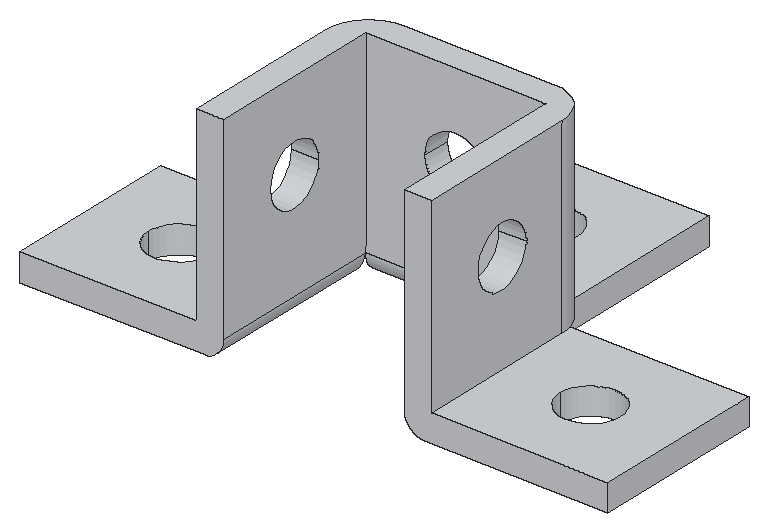
Revit family "Fitting-Wing_Shape-Unistrut-P2227", category Specialty Equipment, Revit 2012
Parameters (values of type "P2227")
  ecoScorecard_data = "http://products.ecoscorecard.com/atkore/P2227"
  ecoScorecard Product Page = "http://products.ecoscorecard.com/atkore/P2227?action=html"
  Weight Per Piece = 1.13 lbf
  Unit = none
  Unistrut Part Number = "P2227"  # constant formula
  URL = "http://unistrut.us/index.php"
  Thickness = 1/4"
  Subcategory = "Wing Shape Fittings"  # constant formula
  Product Page URL = "http://unistrut.us/index.php?WP=cat_detail&S=S05&P=P2227"
  Power Strut Part Number = "PS 668"  # constant formula
  Part Type = "Fitting"  # constant formula
  Overall Width = 5 13/32"
  Overall Length = 3 1/2"
  Overall Height = 2"
  Model = "P2227"
  Material = ""
  Manufacturer Phone - Toll Free = "800-882-5543"  # constant formula
  Manufacturer Phone = "708-339-1610"  # constant formula
  Manufacturer Fax = "708-339-7814"  # constant formula
  Manufacturer Email = "mailto:jshaw@atkore.com"
  Manufacturer Address = "16100 South Lathrop Avenue, Harvey, IL 60426"  # constant formula
  Manufacturer = "Unistrut by Atkore International"  # constant formula
  Load Capacity Note = "Visit the product page for load application and capacity."  # constant formula
  Literature URL = "http://unistrut.us/index.php?WP=LItLibrary"
  Hole Diameter = 9/16"
  Cost Info = "mailto:jshaw@atkore.com"
  CAD URL = "http://unistrut.us/index.php?WP=CAD3d"
  Assembly Code = "D5020100"
  95 CSI = "16070"  # constant formula
  04 CSI = "26 05 48"  # constant formula
Reference planes (in)
  plane 1 "Center (Front/Back)": y = 0
  plane 2: z = 0
  plane 3 "Center (Left/Right)": x = 0
  plane 4: z = 2
  plane 5: x = -2.70312
  plane 6: y = 1.75
  plane 7: x = 2.70312
  plane 8: y = -1.75
  plane 9: z = 0.25
  plane 10: x = 1.89588
  plane 11: y = 0.94018
  plane 12: x = -1.89588
  plane 13: y = -0.94105
  plane 14: z = 1.18867
Dimensions and locks (in)
  "Overall Height": plane 4 to plane 2
  equal spacing: plane 6, plane 1 "Center (Front/Back)", plane 8
  "Overall Length": plane 6 to plane 8
  equal spacing: plane 5, plane 3 "Center (Left/Right)", plane 7
  "Overall Width": plane 5 to plane 7
  "Thickness": plane 9 to plane 2
  aligned and locked: level to plane 2
  aligned and locked: plane 6 to nested 1
  aligned and locked: nested 1 to plane 5
Nested families (in)
  nested 1: "2227" at (0, 0, 0), type "P2227"
Definition of nested family "2227"
  Parameters (values of type "P2227")
    Width = 5 13/32"
    Unit = none
    Thickness = 1/4"
    Height = 2"
    Radiuis = Diameter / 2  # 9/32"
    Length = 3 1/2"
    Diameter = 9/16"
    Default Elevation = 0"
    Bolt Length [instance] = 1 1/2"
  Reference planes (in)
    plane 1 "Center (Front/Back)": y = 0
    plane 2: z = 0
    plane 3 "Center (Left/Right)": x = 0
    plane 4: z = 2
    plane 5: x = -2.70313
    plane 6: x = 2.70313
    plane 7: y = 1.75
    plane 8: y = -1.75
    plane 9: x = -0.828
    plane 10: x = 0.828
    plane 11: y = -0.125
  Forms (in)
    Extrusion 1, solid
      sketch origin (0, 0, 0) x (1, 0, 0) y (0, 1, 0)
        loop
          line (0.82956, -0.125) -> (0.82956, -1.75) -> (1.07956, -1.75) -> (1.07956, -0.24763)
          arc (1.07956, -0.24763) -> (0.96916, 0.01889) -> (0.70264, 0.12929) r 0.37692
          line (0.70264, 0.12929) -> (-0.68093, 0.12929)
          arc (-0.68093, 0.12929) -> (-0.9617, 0.01299) -> (-1.078, -0.26778) r 0.39707
          line (-1.078, -0.26778) -> (-1.078, -1.75) -> (-0.828, -1.75) -> (-0.828, -0.125) -> (0.82956, -0.125)
      from 0.25 to 2
    Extrusion 2, solid
      sketch origin (0, 0, 0) x (1, 0, 0) y (0, 0, 1)
        loop
          line (-0.828, 0.25) -> (-2.70313, 0.25) -> (-2.70313, 0) -> (-1.0155, 0)
          arc (-1.0155, 0) -> (-0.88292, 0.05492) -> (-0.828, 0.1875) r 0.1875
          line (-0.828, 0.1875) -> (-0.828, 0.25)
        loop
          line (2.70313, 0.25) -> (0.82956, 0.25) -> (0.82956, 0.18734)
          arc (0.82956, 0.18734) -> (0.88443, 0.05487) -> (1.0169, 0) r 0.18734
          line (1.0169, 0) -> (2.70313, 0) -> (2.70313, 0.25)
      from 0.13771 to 1.75
    Extrusion 3, solid
      sketch origin (0, 0, 0) x (0, 1, 0) y (0, 0, 1)
        loop
          line (1.75, 0) -> (1.75, 0.25) -> (-0.125, 0.25) -> (-0.125, 0.1875)
          arc (-0.125, 0.1875) -> (-0.07008, 0.05492) -> (0.0625, 0) r 0.1875
          line (0.0625, 0) -> (1.75, 0)
      from -0.828 to 0.82956
    Extrusion 4, void
      sketch origin (0, 0, 0) x (1, 0, 0) y (0, 1, 0)
        loop
          circle (0, 0.94018) r 0.28125
        loop
          circle (1.89588, -0.94105) r 0.28125
        loop
          circle (-1.89588, -0.94105) r 0.28125
      from 0 to 0.25
    Extrusion 5, void
      sketch origin (0, 0, 0) x (1, 0, 0) y (0, 0, 1)
        loop
          circle (0, 1.18561) r 0.28125
      from -0.13243 to 0.13771
    Extrusion 6, void
      sketch origin (0, 0, 0) x (0, 1, 0) y (0, 0, 1)
        loop
          circle (-0.94124, 1.18867) r 0.28125
      from -1.078 to 1.07956
  Cuts and joins
    Extrusion 5, Extrusion 6 cuts Extrusion 1
    Extrusion 4 cuts Extrusion 2
    Extrusion 4 cuts Extrusion 3
    joined: Extrusion 1, Extrusion 2, Extrusion 3
  Dimensions and locks (in)
    equal spacing: plane 5, plane 3 "Center (Left/Right)", plane 6
    "Width": plane 5 to plane 6
    equal spacing: plane 8, plane 1 "Center (Front/Back)", plane 7
    "Length": plane 8 to plane 7
    "Height": plane 4 to plane 2
    "Radiuis": radius of Extrusion 6 sketch curve
    "Radiuis": radius of Extrusion 4 sketch curve  (x3)
    "Radiuis": radius of Extrusion 5 sketch curve
    aligned and locked: level to plane 2
    aligned and locked: plane 8 to Extrusion 1 sketch curve  (x2)
    aligned and locked: plane 4 to Extrusion 1
    aligned and locked: plane 6 to Extrusion 2 sketch curve
    aligned and locked: plane 5 to Extrusion 2 sketch curve
    aligned and locked: plane 8 to Extrusion 2
    aligned and locked: plane 7 to Extrusion 3 sketch curve
    aligned and locked: Extrusion 4 to level
    aligned and locked: plane 11 to Extrusion 1 sketch curve
    aligned and locked: Extrusion 1 to Extrusion 6  (x2)
  Automatic sketch dimensions
    Extrusion 4 sketch curve to plane 3 "Center (Left/Right)" = 0"
    Extrusion 4 sketch curve to plane 5 = 0.80725"
    Extrusion 4 sketch curve to plane 6 = 0.80725"
    Extrusion 4 sketch curve to plane 8 = 0.80895"  (x2)
    Extrusion 4 sketch curve to plane 7 = 0.80982"
    Extrusion 5 sketch curve to plane 3 "Center (Left/Right)" = 0"
    Extrusion 5 sketch curve to plane 4 = 0.81439"
    Extrusion 6 sketch curve to plane 8 = 0.80876"
    Extrusion 6 sketch curve to plane 4 = 0.81133"
    plane 9 to Extrusion 1 sketch curve = 0.14707"
    Extrusion 1 sketch curve to plane 10 = 0.00156"
    Extrusion 1 sketch curve to Extrusion 1 sketch curve = 1/4"
    plane 11 to Extrusion 1 sketch curve = 0.14278"
    Extrusion 1 sketch curve to plane 9 = 0"
    Extrusion 1 sketch curve to plane 9 = 1/4"
    plane 10 to Extrusion 1 sketch curve = 0.12536"
    Extrusion 2 sketch curve to level = 0"
    Extrusion 2 sketch curve to plane 9 = 0"
    Extrusion 2 sketch curve to plane 9 = 3/16"
    level to Extrusion 2 sketch curve = 0"
    Extrusion 2 sketch curve to plane 10 = 0.1889"
    Extrusion 2 sketch curve to Extrusion 2 sketch curve = 0.06266"
    level to Extrusion 2 sketch curve = 1/4"
    Extrusion 3 sketch curve to plane 11 = 0"
    Extrusion 3 sketch curve to level = 0"
    Extrusion 3 sketch curve to plane 1 "Center (Front/Back)" = 1/16"
    Extrusion 3 sketch curve to Extrusion 3 sketch curve = 1/16"
    Extrusion 2 sketch curve to plane 10 = 0.00156"
